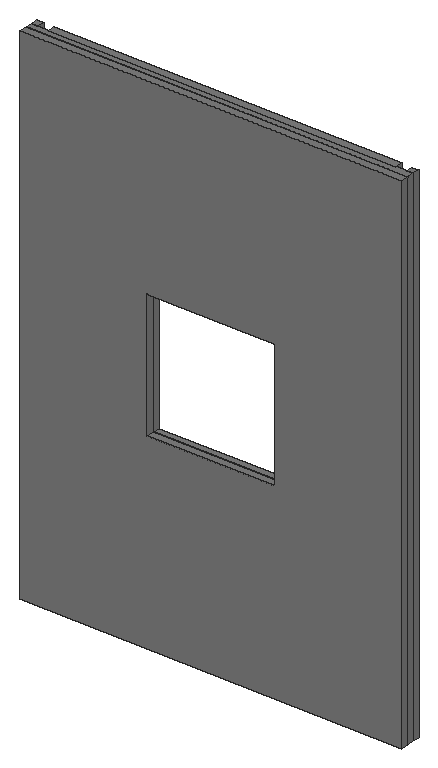
Revit family "Wall_Panel-Teknion-CWVL-Chronicle-TV_Low_Credenza-R2022", category Furniture, Revit 2022
Family settings
  OmniClass Number = 23.40.20.00
  OmniClass Title = General Furniture and Specialties
  Work Plane-Based = No
  Always vertical = Yes
  Cut with Voids When Loaded = No
  Render Appearance Source = Family Geometry
  Shared = Yes
  Room Calculation Point = No
Parameters (values of type "(3L) 3 High, 48"")
  Width [instance] = 36.000"
  Warranty = "http://www.teknion.com/ca/papers/legal-canada"
  Unit Weight URL = "http://www.teknion.com/ca/tools/assets#&asset=bee6a381-b954-425e-8283-5a2de3a804f2,f828d448-4b62-4231-9e5f-9a8991c0ed77"
  URL = "www.teknion.com"
  To render please download texture images found here [instance] = "https://assets.teknion.com/web/5e81352c1dfdb467/revit-material-swatches/"
  Sustainability Data = "https://www.teknion.com/ca/tools/assets#&topic=216f99a5-57a0-44fc-b10a-9dee9b29ae4c&asset=444deb64-fe58-4b68-981e-f75e97781df7,b4ff2d81-9f2e-437d-9659-7cffb09c31cf"
  Series = "Chronicle"  # constant formula
  Product Page URL = "https://www.teknion.com/products/product-details?productLineId=2302c16f-8e7a-673b-a6c8-ff05004460c4"
  Product Line = "TV Wall Panel - Above Low Credenza"  # constant formula
  Product Documentation Link = "https://www.teknion.com/products/product-details?productLineId=2302c16f-8e7a-673b-a6c8-ff05004460c4"
  Part Number = "CWVL"  # constant formula
  Panel Finish [instance] = Veneer-Teknion-5P-Flintwood-Poppy_Seed
  Model = "CWVL3LF__"
  Manufacturer Phone = "416-661-3370"  # constant formula
  Manufacturer Fax = "416.661.4586"  # constant formula
  Manufacturer Contact Information = "http://www.teknion.com/ca/contactus"
  Manufacturer Address = "1150 Flint Road, Toronto, ON. M3J 2J5. Canada"  # constant formula
  Manufacturer = "Teknion"  # constant formula
  How To Use Teknion Materials User Guide [instance] = "https://assets.teknion.com/m/205dd0a49fa58060/original/How-to-add-a-Material-Library-and-Texture-Images-to-your-Revit-project.pdf"
  Height = 48.000"
  For Additional Finishes please visit [instance] = "https://assets.teknion.com/m/44a8009b046e5d47/original/Teknion_Materials_Library.zip"
  Description = "TV Wall Panel above Low Credenza"  # constant formula
  Default Elevation = 0.000"
  Available Widths [instance] = "4L has Width 36-48 inches, 2L Has 39-108 & 3L has 36-90 inches in 6 inch increment"  # constant formula
  Assembly Code = "E2020200"
  4L = no
  3L = yes
  2L = no
Types (5): name | Model | Height | 4L | 3L | 2L
  (no name) | "CWVL3LF__" | 48.000" | no | yes | no
  (2L) 2 High, 33.25" | "CWVL2LF__" | 33.250" | no | no | yes
  (3L) 3 High, 48" | "CWVL3LF__" | 48.000" | no | yes | no
  (4L) 4 High, 61.75" | "CWVL4LF__" | 61.750" | yes | no | no
  (3L) 3 High, 47" (Height Reduced by 1") | "CWVL3LR__" | 47.000" | no | no | no
Reference planes (in)
  plane 1 "Center Front/Back": y = 0
  plane 2: z = 0
  plane 3 "Center Left/Right": x = 0
  plane 4 "Left": x = -18
  plane 5 "Right": x = 18
  plane 6 "Back": y = 0.9375
  plane 7 "Front": y = -1.0625
  plane 8 "Top": z = 48
  plane 9 "Centre": z = 24
Forms (in)
  Sweep 1, solid, material "Veneer-Teknion-5P-Flintwood-Poppy_Seed" <- "Panel Finish"
    path origin (0, 0, 0) x (1, 0, 0) y (0, 1, 0)
      loop
        line (-18, -1.0625) -> (-18, -0.3125)
    profile origin (-18, -0.6875, 0) x (-1, 0, 0) y (0, 0, 1)
      loop
        line (-36, 48) -> (-36, 0) -> (0, 0) -> (0, 48) -> (-36, 48)
      loop
        line (-12, 30) -> (-24, 30) -> (-24, 18) -> (-12, 18) -> (-12, 30)
  Sweep 2, solid, material "Veneer-Teknion-5P-Flintwood-Poppy_Seed" <- "Panel Finish"
    path origin (0, 0.75, 0) x (1, 0, 0) y (0, 1, 0)
      loop
        line (-18, -1.0625) -> (-18, -0.4375)
    profile origin (-18, 0, 0) x (-1, 0, 0) y (0, 0, 1)
      loop
        line (-36, 48) -> (-36, 0) -> (0, 0) -> (0, 48) -> (-36, 48)
      loop
        line (-12, 30) -> (-24, 30) -> (-24, 18) -> (-12, 18) -> (-12, 30)
  Sweep 3, solid, material "Veneer-Teknion-5P-Flintwood-Poppy_Seed" <- "Panel Finish"
    path origin (0, 0, 0) x (1, 0, 0) y (0, 0, 1)
      loop
        line (18, 0) -> (18, 48)
    profile origin (18, 0, 24) x (-1, 0, 0) y (0, -1, 0)
      loop
        line (35.375, -0.3125) -> (35.375, -0.9375) -> (36, -0.9375) -> (36, -0.3125) -> (35.375, -0.3125)
      loop
        line (0.625, -0.9375) -> (0.625, -0.3125) -> (0, -0.3125) -> (0, -0.9375) -> (0.625, -0.9375)
  Sweep 4, solid, material "Veneer-Teknion-5P-Flintwood-Poppy_Seed" <- "Panel Finish"
    path origin (0, 0, 0) x (1, 0, 0) y (0, 1, 0)
      loop
        line (16.375, 0.9375) -> (-16.375, 0.9375)
    profile origin (0, 0.9375, 0) x (0, -1, 0) y (0, 0, 1)
      loop
        line (0.625, 48) -> (0, 48) -> (0, 42) -> (0.625, 42) -> (0.625, 48)
  Sweep 5, solid, material "Veneer-Teknion-5P-Flintwood-Poppy_Seed" <- "Panel Finish"
    path origin (0, 0, 0) x (1, 0, 0) y (0, 0, 1)
      loop
        line (6, 6) -> (16.375, 6)
    profile origin (11.1875, 0, 6) x (0, 0, 1) y (0, -1, 0)
      loop
        line (-6, -0.9375) -> (-3.36548, -0.9375) -> (-2.74048, -0.3125) -> (-6, -0.3125) -> (-6, -0.9375)
      loop
        line (0, -0.9375) -> (0, -0.3125) -> (-2.65014, -0.3125) -> (-3.27514, -0.9375) -> (0, -0.9375)
  Sweep 6, solid, material "Veneer-Teknion-5P-Flintwood-Poppy_Seed" <- "Panel Finish"
    path origin (-22.375, 0, 0) x (1, 0, 0) y (0, 0, 1)
      loop
        line (6, 27.5) -> (16.375, 27.5)
    profile origin (-11.1875, 0, 27.5) x (0, 0, 1) y (0, -1, 0)
      loop
        line (-27.5, -0.9375) -> (-24.86548, -0.9375) -> (-24.24048, -0.3125) -> (-27.5, -0.3125) -> (-27.5, -0.9375)
      loop
        line (-21.5, -0.9375) -> (-21.5, -0.3125) -> (-24.15014, -0.3125) -> (-24.77514, -0.9375) -> (-21.5, -0.9375)
  Sweep 7, void
    path origin (0, 0, 0) x (1, 0, 0) y (0, 1, 0)
      loop
        line (16.375, 0.9375) -> (-16.375, 0.9375)
    profile origin (0, 0.9375, 0) x (0, -1, 0) y (0, 0, 1)
      loop
        line (0.625, 45.35646) -> (0, 44.73146) -> (0, 44.67358) -> (0.625, 45.29858) -> (0.625, 45.35646)
Cuts and joins
  Sweep 7 cuts Sweep 4
Lines and regions (in)
  Masking region 1
    outline origin (0, 0, 0) x (1, 0, 0) y (0, 1, 0)
      loop
        line (18, -1.0625) -> (18, 0.3125) -> (-18, 0.3125) -> (-18, -1.0625) -> (18, -1.0625)
  Masking region 2
    outline origin (0, 0, 0) x (1, 0, 0) y (0, 1, 0)
      loop
        line (-17.375, 0.3125) -> (-17.375, 0.9375) -> (-18, 0.9375) -> (-18, 0.3125) -> (-17.375, 0.3125)
      loop
        line (-16.375, 0.9375) -> (-16.375, 0.3125) -> (16.375, 0.3125) -> (16.375, 0.9375) -> (-16.375, 0.9375)
      loop
        line (17.375, 0.9375) -> (17.375, 0.3125) -> (18, 0.3125) -> (18, 0.9375) -> (17.375, 0.9375)
  symbolic lines, style "Furniture"
    curve 1: line (18, -0.3125, 0) -> (-18, -0.3125, 0)
  symbolic lines
    curve 2: line (-6, 0.3125, 0) -> (-6, 0.9375, 0)
    curve 3: line (6, 0.3125, 0) -> (6, 0.9375, 0)
  symbolic lines, style "FurnitureHiddenLines", detail levels medium+fine
    curve 4: line (-6, -1.0625, 0) -> (-6, -0.3125, 0)
    curve 5: line (6, -0.3125, 0) -> (6, -1.0625, 0)
    curve 6: line (6, 0.3125, 0) -> (6, -0.3125, 0)
    curve 7: line (-6, -0.3125, 0) -> (-6, 0.3125, 0)
  reference lines
    curve 8: line (-18, 0.9375, 0) -> (18, 0.9375, 0)
    curve 9: line (-18, -1.0625, 0) -> (18, -1.0625, 0)
    curve 10: line (-18, 0.9375, 0) -> (-18, -1.0625, 0)
    curve 11: line (18, 0.9375, 0) -> (18, -1.0625, 0)
Dimensions and locks (in)
  "Width": plane 4 "Left" to plane 5 "Right"
  plane 6 "Back" to plane 7 "Front" = 2.000"
  "Height": plane 8 "Top" to level
  locked: plane 7 "Front" to Sweep 1 sketch curve at 0.75
  plane 7 "Front" to Sweep 2 sketch curve to Sweep 2 sketch curve = 0.750" locked, 0.625" locked
  locked: plane 4 "Left" to Sweep 4 sketch curve at 1.625
  locked: Sweep 4 sketch curve to plane 5 "Right" at 1.625
  Sweep 6 sketch curve to Sweep 6 sketch curve to plane 6 "Back" to Sweep 6 sketch curve to Sweep 6 sketch curve = 0.000" locked, 0.625" locked, 0.000" locked, 0.000" locked
  equal spacing: plane 4 "Left", plane 3 "Center Left/Right", plane 5 "Right"
  locked: plane 4 "Left" to Sweep 3 sketch curve at 0.625
  plane 1 "Center Front/Back" to Sweep 3 sketch curve to Sweep 3 sketch curve = 0.3125" locked, 0.625" locked
  locked: Sweep 3 sketch curve to profile plane at 0.625
  profile plane to Sweep 3 sketch curve to Sweep 3 sketch curve = 0.3125" locked, 0.625" locked
  locked: Sweep 7 sketch curve to plane 5 "Right" at 1.625
  locked: plane 4 "Left" to Sweep 7 sketch curve at 1.625
  locked: plane 4 "Left" to Sweep 6 sketch curve at 1.625
  plane 8 "Top" to Sweep 7 sketch curve to Sweep 7 sketch curve to Sweep 7 sketch curve to Sweep 7 sketch curve = 2.64354" locked, 0.05788" locked, 0.56712" locked, 0.05788" locked
  plane 2 to Sweep 5 sketch curve to Sweep 5 sketch curve to Sweep 5 sketch curve to Sweep 5 sketch curve to Sweep 5 sketch curve = 2.63452" locked, 0.09034" locked, 0.53466" locked, 0.09034" locked, 2.65014" locked
  Sweep 6 sketch curve to Sweep 6 sketch curve to Sweep 6 sketch curve to Sweep 6 sketch curve to Sweep 6 sketch curve to plane 2 = 2.65014" locked, 0.09034" locked, 0.53466" locked, 0.09034" locked, 2.63452" locked
  plane 8 "Top" to plane 2 = 48.000"
  Sweep 1 sketch curve to plane 3 "Center Left/Right" to Sweep 1 sketch curve = 6.000" locked, 6.000" locked
  equal spacing: plane 8 "Top", plane 9 "Centre", plane 2
  Sweep 1 sketch curve to plane 9 "Centre" to Sweep 1 sketch curve = 6.000" locked, 6.000" locked
  Sweep 2 sketch curve to plane 3 "Center Left/Right" to Sweep 2 sketch curve = 6.000" locked, 6.000" locked
  Sweep 2 sketch curve to plane 9 "Centre" to Sweep 2 sketch curve = 6.000" locked, 6.000" locked
  locked: plane 8 "Top" to Sweep 4 sketch curve at 6
  plane 1 "Center Front/Back" to Sweep 4 sketch curve to Sweep 4 sketch curve = 0.3125" locked, 0.625" locked
  locked: Sweep 5 sketch curve to plane 3 "Center Left/Right" at 6
  locked: Sweep 5 sketch curve to plane 5 "Right" at 1.625
  aligned and locked: level to plane 2
  aligned and locked: Sweep 1 sketch curve to plane 7 "Front"
  aligned and locked: plane 4 "Left" to Sweep 2 sketch curve
  aligned and locked: plane 8 "Top" to Sweep 2 sketch curve
  aligned and locked: Sweep 2 sketch curve to plane 2
  aligned and locked: Sweep 2 sketch curve to plane 4 "Left"
  aligned and locked: Sweep 2 sketch curve to plane 5 "Right"
  aligned and locked: Sweep 3 sketch curve to Sweep 2
  aligned and locked: plane 8 "Top" to Sweep 3 sketch curve
  aligned and locked: plane 2 to Sweep 3 sketch curve
  aligned and locked: Sweep 4 sketch curve to Sweep 3
  aligned and locked: Sweep 3 to Sweep 5 sketch curve
  aligned and locked: Sweep 5 sketch curve to Sweep 3
  aligned and locked: Sweep 5 sketch curve to plane 6 "Back"
  aligned and locked: Sweep 6 sketch curve to plane 6 "Back"
  aligned and locked: plane 2 to Sweep 6 sketch curve
  aligned and locked: Sweep 6 sketch curve to Sweep 3
  aligned and locked: Sweep 1 sketch curve to plane 5 "Right"
  aligned and locked: Sweep 1 sketch curve to plane 4 "Left"
  aligned and locked: plane 8 "Top" to Sweep 1 sketch curve
  aligned and locked: Sweep 1 sketch curve to plane 2
  aligned and locked: Sweep 3 sketch curve to plane 4 "Left"
  aligned and locked: Sweep 3 to Sweep 7 sketch curve  (x2)
  aligned and locked: nested 2 to plane 6 "Back"
  aligned and locked: nested 2 to plane 5 "Right"
  aligned and locked: plane 4 "Left" to nested 1
  aligned and locked: nested 1 to plane 6 "Back"
  aligned and locked: Masking region 1 sketch curve to Sweep 1  (x3)
  aligned and locked: Masking region 1 sketch curve to Sweep 2
  aligned and locked: Masking region 2 sketch curve to Sweep 3  (x8)
  aligned and locked: Masking region 2 sketch curve to Sweep 6  (x3)
  aligned and locked: curve 1 to Sweep 2
  aligned and locked: Masking region 2 sketch curve to Sweep 5
  aligned and locked: curve 2 to Sweep 6
  aligned and locked: curve 4 to Sweep 1
  aligned and locked: curve 5 to Sweep 1
  aligned and locked: curve 6 to Sweep 2
  aligned and locked: curve 7 to Sweep 2
  aligned and locked: curve 8 to plane 6 "Back"
  aligned and locked: curve 9 to plane 7 "Front"
  aligned and locked: curve 10 to plane 4 "Left"
  aligned and locked: curve 11 to plane 5 "Right"
  aligned and locked: nested 2 to Sweep 3 sketch curve
Automatic sketch dimensions
  Sweep 6 sketch curve to plane 3 "Center Left/Right" = 6.000"
  Sweep 6 sketch curve to plane 8 "Top" = 20.500"
  Sweep 1 sketch curve to plane 4 "Left" = 0.000"
  Sweep 4 sketch curve to plane 6 "Back" = 0.000"
  level to Sweep 5 sketch curve = 6.000"
  Sweep 5 sketch curve to Sweep 5 sketch curve = 0.625"
  Sweep 5 sketch curve to Sweep 5 sketch curve = 0.000"
  Sweep 7 sketch curve to plane 6 "Back" = 0.000"
  curve 1 to plane 4 "Left" = 0.000"
  curve 1 to plane 5 "Right" = 0.000"
  curve 2 to plane 6 "Back" = 0.000"
  curve 2 to plane 1 "Center Front/Back" = 0.3125"
  curve 3 to plane 6 "Back" = 0.000"
  curve 3 to plane 1 "Center Front/Back" = 0.3125"
  plane 7 "Front" to curve 4 = 0.000"
  plane 7 "Front" to curve 5 = 0.000"
Nested families (in)
  nested 1: "Teknion_2D_Node_Family-R2021" at (-18, 0.9375, 0), type "Teknion_2D_Node_Family-R2021"
  nested 2: "Teknion_2D_Node_Family-R2021" at (18, 0.9375, 0), type "Teknion_2D_Node_Family-R2021"
Definition of nested family "Teknion_2D_Node_Family-R2021"
  Reference planes (in)
    plane 1 "Center (Front/Back)": y = 0
    plane 2: z = 0
    plane 3 "Center (Left/Right)": x = 0
  Lines and regions (in)
    detail lines, in view "Ref. Level"
      curve 1: circle (0, 0, 0) r 1.25 normal (0, 0, 1)
      curve 2: line (1.91508, -1.91508, 0) -> (-1.91508, 1.91508, 0)
      curve 3: line (-1.91508, -1.91508, 0) -> (1.91508, 1.91508, 0)
